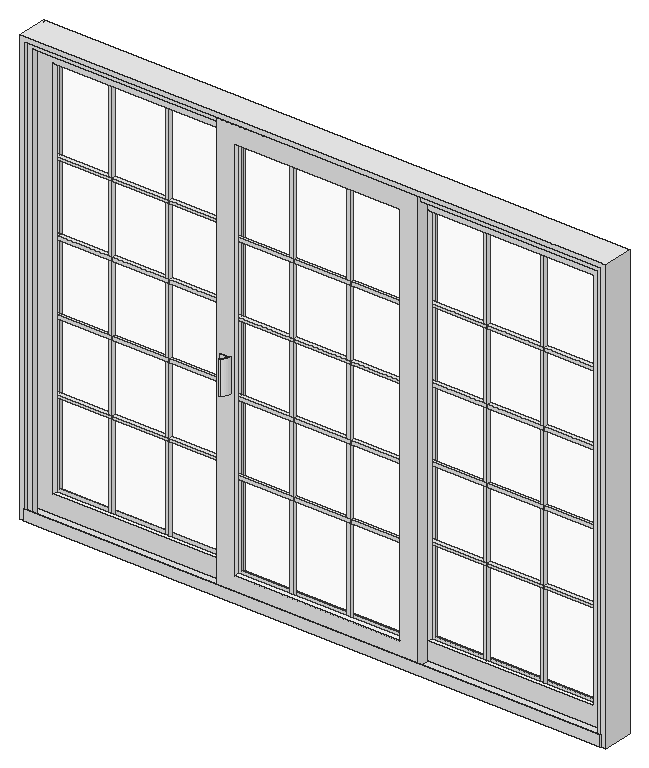
Revit family "Door_Sliding_Vinyl_Harvey-3Panel", category Doors, host Wall, Revit 2026
Family settings
  Host = Wall
  Classification Number = 23.30.10.17.11
  Always vertical = Yes
  Cut with Voids When Loaded = No
  Shared = No
  Room Calculation Point = No
Parameters (values of type "PD 9068-3")
  Sound Transmission Class (STC) = 29
  Product Page URL = "https://www.arcat.com/arcatcos/cos32/arc32985.html"
  Has Screen [instance] = yes
  Mullion Width [instance] = 0' - 0 5/8"
  Hardware Finish = ARCAT - Vinyl - PVC - 0.070" - White
  Handle Height [instance] = 3' - 0"
  Function = Interior
  Door Width = ((Width - 0' 1 3/4") / 3) + 0' 1 5/8"  # 3' - 0.95833"
  RO Spacing = 0' - 0 5/8"
  U_Factor [instance] = 0
  URL = "https://harveywindows.com/"
  Specification = "https://www.arcat.com/company/harvey-building-products-32985/spec"
  SHGC [instance] = 0
  Rough Width = Width + (RO Spacing * 2)  # 9' - 1"
  Rough Height = Height + RO Spacing  # 6' - 8 3/8"
  R_Value [instance] = 0
  RH = no
  Operation = "As Specified in 08 53 13"
  Model = "PD 9068-3"
  Manufacturer = "Harvey Building Products "
  LH = yes
  Keynote = "08 53 13"
  Height = 6' - 7 3/4"
  Glass Type = ARCAT - Glass - Laminated - Clear
  Glass Thickness = 0' - 0 7/8"
  Frame Material = ARCAT - Vinyl - PVC - 0.070" - White
  Frame Inset from Exterior [instance] = 0' - 0"
  Fire Rating = "As Specified in 08 53 13"
  F588_Forced-Entry = "Type B; Grade 10"
  E547_Water-Resistance = "As Specified in 08 53 13"
  E330_Structural-Test-Pressure = "As Specified in 08 53 13"
  E283_Air-Infiltration = "As Specified in 08 53 13"
  Door Height = Height - 0' 0 7/8" - 0' 1 1/4"  # 6' - 5 5/8"
  Description = "Harvey BP - PD 9068-3 Sliding Patio Door"
  Sill Height [instance] = 2' - 0"
  Wall Closure = By host
  Width = 8' - 11 3/4"
  Define Thermal Properties by = Schematic Type
  Copyright = "©Arcat Inc. 2023"
  Colonial Muntins [instance] = yes
  Casing_Flat [instance] = no
  Casing_908 [instance] = no
  CAD Details = "https://www.arcat.com/company/harvey-building-products-32985/cad"
  Assembly Code = "B2030100"
  Analytic Construction = "<None>"
  AAMA Conformance = "SD-R35 (DP35)"
Types (2): name | Door Width | Rough Width | Model | Description | Width
  PD 12068-3 | 4' - 0.95833" | 12' - 1" | "PD 12068-3" | "Harvey BP - PD 12068-3 Sliding Patio Door" | 11' - 11 3/4"
  PD 9068-3 | 3' - 0.95833" | 9' - 1" | "PD 9068-3" | "Harvey BP - PD 9068-3 Sliding Patio Door" | 8' - 11 3/4"
Reference planes (in)
  plane 1: y = -0.6875
  plane 2 "Center (Left/Right)": x = 0.875
  plane 3 "Left": x = -53
  plane 4 "Right": x = 54.75
  plane 5 "Center": z = 39.875
  plane 6 "Exterior": y = 2.3125
  plane 7 "Interior": y = -3.6875
  plane 8 "FrameRight": x = 55.375
  plane 9 "FrameLeft": x = -53.625
  plane 10 "FrameUpper": z = 79.75
  plane 11: z = 0
  plane 12: z = 80.375
  plane 13 "Door Exterior": y = 2.3125
  plane 14 "Frame 1 CL": y = 0.1775
  plane 15 "Frame 2 CL": y = -2.2125
  plane 16 "Frame Interior": y = -3.2125
  plane 17: x = 53.875
  plane 18: x = -52.125
  plane 19: y = 1.8
  plane 20: x = -16.79167
  plane 21: x = 18.54167
Forms (in)
  Sweep 1, solid, material "ARCAT - Vinyl - PVC - 0.070" - White" <- "Frame Material"
    path origin (0, 2.3125, 0) x (0, 0, 1) y (-1, 0, 0)
      loop
        line (0, -54.75) -> (79.75, -54.75) -> (79.75, 53) -> (0, 53)
    profile "P_Door_Frame : P_Door_Frame" origin (54.75, 2.3125, 39.875) x (-1, 0, 0) y (0, -1, 0)
      loop
        line (0.875, 0) -> (0.875, 0.125) -> (0.125, 0.125) -> (0.125, 0.9) -> (0.875, 0.9) -> (0.875, 1.7125) -> (1.875, 1.7125) -> (1.875, 2.5875) -> (0.875, 2.5875) -> (0.875, 4.0875) -> (1.875, 4.0875) -> (1.875, 4.9625) -> (0.875, 4.9625) -> (0.875, 5.525) -> (0, 5.525) -> (0, 0) -> (0.875, 0)
  Sweep 2, solid, material "ARCAT - Vinyl - PVC - 0.070" - White" <- "Frame Material"
    path origin (0, 2.3125, 0) x (0, 0, 1) y (-1, 0, 0)
      loop
        line (0, -53.875) -> (0, 52.125)
    profile origin (0.875, 2.3125, 0) x (0, 0, -1) y (0, -1, 0)
      loop
        line (0, 0) -> (0, 5.775) -> (-2, 5.775) -> (-2, 5.525) -> (-1.25, 5.525) -> (-0.37493, 0) -> (0, 0)
  Sweep 3, solid, material "ARCAT - Vinyl - PVC - 0.070" - White" <- "Frame Material", visible <- "Casing_908"
    path in 3D
      loop
        line (54.75, 2.3125, 0) -> (54.75, 2.3125, 79.75) -> (-53, 2.3125, 79.75) -> (-53, 2.3125, 0)
    profile "P_Casing_908 : P_Casing_908" origin (54.75, 2.3125, 39.875) x (0, -1, 0) y (1, 0, 0)
      loop
        line (0, -0.25) -> (0, 2.125) -> (-0.6875, 2.125) -> (-0.6875, 1.625) -> (-0.625, 1.625)
        arc (-0.625, 1.625) -> (-0.60136, 1.467) -> (-0.53251, 1.32284) r 0.53982
        arc (-0.53251, 1.32284) -> (-0.46067, 1.17132) -> (-0.43725, 1.00526) r 0.55626
        line (-0.43725, 1.00526) -> (-0.37475, 1.00526) -> (-0.37475, -0.25) -> (0, -0.25)
  Sweep 4, solid, material "ARCAT - Vinyl - PVC - 0.070" - White" <- "Frame Material", visible <- "Casing_Flat"
    path in 3D
      loop
        line (54.75, 2.3125, 0) -> (54.75, 2.3125, 79.75) -> (-53, 2.3125, 79.75) -> (-53, 2.3125, 0)
    profile "P_Casing_Flat : P_Casing_Flat" origin (54.75, 2.3125, 39.875) x (0, -1, 0) y (1, 0, 0)
      loop
        line (0, -0.8125) -> (0, 2.1875) -> (-0.6875, 2.1875) -> (-0.6875, -0.8125) -> (0, -0.8125)
Cuts and joins
  joined: Sweep 1, Sweep 2
Lines and regions (in)
  Opening 1
    outline origin (-95.7153, -3.6875, 0) x (1, 0, 0) y (0, 0, 1)
      loop
        line (42.0903, 80.375) -> (42.0903, 0) -> (151.0903, 0) -> (151.0903, 80.375) -> (42.0903, 80.375)
  sketch lines
    curve 1: line (54.75, 2.3125, 0) -> (54.75, 2.3125, 79.75)
    curve 2: line (54.75, 2.3125, 79.75) -> (-53, 2.3125, 79.75)
    curve 3: line (-53, 2.3125, 79.75) -> (-53, 2.3125, 0)
    curve 4: line (54.75, 2.3125, 0) -> (54.75, 2.3125, 79.75)
    curve 5: line (54.75, 2.3125, 79.75) -> (-53, 2.3125, 79.75)
    curve 6: line (-53, 2.3125, 79.75) -> (-53, 2.3125, 0)
Text (in)
  text "EXTERIOR" at (-79.42766, 23.47596, 0), in view "Ref. Level"
  text "INTERIOR" at (-79.42766, -17.27685, 0), in view "Ref. Level"
  text "Exterior" at (0, 47.2975, 123.29936), in view "Left"
  text "Exterior" at (0, 19.21628, 132.11189), in view "Right"
Dimensions and locks (in)
  locked: plane 6 "Exterior" to host wall
  locked: host wall to plane 7 "Interior"
  equal spacing: plane 7 "Interior", plane 1, plane 6 "Exterior"
  "Width": plane 3 "Left" to plane 4 "Right"
  "Height": plane 10 "FrameUpper" to plane 11
  equal spacing: plane 3 "Left", plane 2 "Center (Left/Right)", plane 4 "Right"
  "RO Spacing": plane 9 "FrameLeft" to plane 3 "Left"
  "RO Spacing": plane 4 "Right" to plane 8 "FrameRight"
  "RO Spacing": plane 12 to plane 10 "FrameUpper"
  equal spacing: plane 10 "FrameUpper", plane 5 "Center", plane 11
  locked: plane 13 "Door Exterior" to plane 16 "Frame Interior" at 5.525
  locked: plane 15 "Frame 2 CL" to plane 16 "Frame Interior" at 1
  locked: plane 13 "Door Exterior" to plane 14 "Frame 1 CL" at 2.135
  "Frame Inset from Exterior": plane 6 "Exterior" to plane 13 "Door Exterior"
  locked: plane 3 "Left" to plane 18 at 0.875
  locked: plane 17 to plane 4 "Right" at 0.875
  locked: plane 21 to nested 1 at 1.625
  locked: nested 2 to plane 21 at 1.625
  locked: level to nested 1 at 1.25
  locked: level to nested 2 at 1.25
  locked: plane 13 "Door Exterior" to plane 19 at 0.5125
  locked: nested 3 to plane 19 at 0.25
  locked: level to nested 3 at 1.25
  equal spacing: plane 18, plane 20, plane 21, plane 17
  locked: level to nested 4 at 1.25
  locked: plane 20 to nested 4 at 1.625
  aligned and locked: Opening 1 sketch curve to plane 8 "FrameRight"
  aligned and locked: plane 9 "FrameLeft" to Opening 1 sketch curve
  aligned and locked: level to plane 11
  aligned and locked: Opening 1 sketch curve to plane 12
  aligned and locked: Opening 1 sketch curve to plane 11
  aligned and locked: plane 14 "Frame 1 CL" to nested 2
  aligned and locked: plane 15 "Frame 2 CL" to nested 1
  aligned and locked: nested 4 to plane 14 "Frame 1 CL"
  aligned and locked: plane 2 "Center (Left/Right)" to nested 3
Automatic sketch dimensions
  Sweep 1 sketch curve to level = 0' - 0"  (x2)
  Sweep 1 sketch curve to plane 3 "Left" = 0' - 0"
  Sweep 1 sketch curve to plane 10 "FrameUpper" = 0' - 0"
  Sweep 1 sketch curve to plane 4 "Right" = 0' - 0"
  Sweep 2 sketch curve to level = 0' - 0"
  Sweep 2 sketch curve to plane 17 = 0' - 0"
  Sweep 2 sketch curve to plane 18 = 0' - 0"
  Sweep 2 sketch curve to plane 13 "Door Exterior" = 0' - 0"
  Sweep 2 sketch curve to profile plane = 0' - 0"
  profile plane to Sweep 2 sketch curve = 0' - 0.37493"
  profile plane to Sweep 2 sketch curve = 0' - 1 1/4"
  Sweep 2 sketch curve to Sweep 2 sketch curve = 0' - 0 3/4"
  plane 13 "Door Exterior" to Sweep 2 sketch curve = 0' - 5.525"
  Sweep 2 sketch curve to Sweep 2 sketch curve = 0' - 0 1/4"
Nested families (in)
  nested 1: "Glazed Door" at (-9.20833, -0.3375, 2.25), win.sash.width <- "Door Width", win.sash.height <- "Door Height", Sash Material <- "Frame Material", MuntinMatl <- "Frame Material", Hardware Finish <- "Hardware Finish", Mullion Width <- "Mullion Width", Handle Height <- "Handle Height", type "Colonial Muntins"
    with win.sash.width 3' - 0.95833", win.sash.prof.depth.ext 0' - 0 1/2", win.sash.prof.depth 0' - 0 1/2", win.sash.height 6' - 5 5/8", win.glz.wdth 2' - 7.45833", win.glz.spacrdepth 0' - 0 5/8", win.glz.panedepth 0' - 0 7/8", win.glz.ht 6' - 0 1/8", Sash Material ARCAT - Vinyl - PVC - 0.070" - White, MuntinMatl ARCAT - Vinyl - PVC - 0.070" - White, Mullion Width 0' - 0 5/8", Hardware Finish ARCAT - Vinyl - PVC - 0.070" - White, Handle Height 3' - 0", Handle yes
  nested 2: "Glazed Door" at (24.5, 2.0525, 2.25), win.sash.width <- "Door Width", win.sash.height <- "Door Height", Sash Material <- "Frame Material", MuntinMatl <- "Frame Material", Hardware Finish <- "Hardware Finish", Mullion Width <- "Mullion Width", Handle Height <- "Handle Height", type "Colonial Muntins"
    with win.sash.width 3' - 0.95833", win.sash.prof.depth.ext 0' - 0 1/2", win.sash.prof.depth 0' - 0 1/2", win.sash.height 6' - 5 5/8", win.glz.wdth 2' - 7.45833", win.glz.spacrdepth 0' - 0 5/8", win.glz.panedepth 0' - 0 7/8", win.glz.ht 6' - 0 1/8", Sash Material ARCAT - Vinyl - PVC - 0.070" - White, MuntinMatl ARCAT - Vinyl - PVC - 0.070" - White, Mullion Width 0' - 0 5/8", Hardware Finish ARCAT - Vinyl - PVC - 0.070" - White, Handle Height 3' - 0", Handle no
  nested 3: "Screen" at (0.875, 1.55, 1.25), Width <- "Door Width", Height <- "Door Height", visible <- "Has Screen", type "Screen"
    with Width 3' - 0.95833", Height 6' - 5 5/8", screen yes
  nested 4: "Glazed Door" at (-22.75, -1.6975, 2.25) x (-1, 0, 0) z (0, 0, 1), win.sash.width <- "Door Width", win.sash.height <- "Door Height", Sash Material <- "Frame Material", MuntinMatl <- "Frame Material", Hardware Finish <- "Hardware Finish", Mullion Width <- "Mullion Width", Handle Height <- "Handle Height", type "Colonial Muntins"
    with win.sash.width 3' - 0.95833", win.sash.prof.depth.ext 0' - 0 1/2", win.sash.prof.depth 0' - 0 1/2", win.sash.height 6' - 5 5/8", win.glz.wdth 2' - 7.45833", win.glz.spacrdepth 0' - 0 5/8", win.glz.panedepth 0' - 0 7/8", win.glz.ht 6' - 0 1/8", Sash Material ARCAT - Vinyl - PVC - 0.070" - White, MuntinMatl ARCAT - Vinyl - PVC - 0.070" - White, Mullion Width 0' - 0 5/8", Hardware Finish ARCAT - Vinyl - PVC - 0.070" - White, Handle Height 3' - 0", Handle no
Definition of nested family "Glazed Door"
  Parameters
    win.sash.width [instance] = 3' - 0"
    win.sash.prof.width = 0' - 3 1/4"
    win.sash.prof.reveal = 0' - 0 1/2"
    win.sash.prof.depth.ext [instance] = 0' - 0 1/2"
    win.sash.prof.depth [instance] = 0' - 0 1/2"
    win.sash.height [instance] = 7' - 0"
    win.glaz.offset = win.sash.prof.width - win.sash.prof.reveal  # 0' - 2 3/4"
    Mullion Width [instance] = 0' - 0 5/8"
    win.glz.wdth [instance] = win.sash.width - (win.glaz.offset * 2)  # 2' - 6 1/2"
    win.glz.spacrdepth [instance] = 0' - 0 5/8"
    win.glz.panedepth [instance] = 0' - 0 7/8"
    win.glz.ht [instance] = win.sash.height - ((win.sash.prof.width - win.sash.prof.reveal) * 2)  # 6' - 6 1/2"
    Sash Thickness = 0' - 2"
    Sash Material [instance] = none
    MuntinMatl [instance] = none
    Hardware Finish [instance] = none
    Handle Height [instance] = 3' - 0"
    Handle [instance] = yes
    Glass = none
    Default Elevation = 0' - 0"
    Colonial Muntins = yes
    Assembly Code = ""
  Reference planes (in)
    plane 1 "Center (Front/Back)": y = -1.875
    plane 2 "glzbase": z = 1.75
    plane 3 "Center (Left/Right)": x = 11.375
    plane 4 "Left": x = -3.875
    plane 5 "Right": x = 26.625
    plane 6 "Exterior": y = -2.3125
    plane 7 "Interior": y = -1.4375
    plane 8 "Center (Elevation)": z = 41
    plane 9 "Top": z = 80.25
    plane 10 "SashLeft": x = -6.625
    plane 11 "SashRight": x = 29.375
    plane 12 "SashBase": z = -1
    plane 13 "Sashtop": z = 83
    plane 14: z = 62.525
    plane 15: z = 19.475
    plane 16 "Sash Face Ext": y = -0.875
    plane 17: y = -2.875
    plane 18: x = 6.29167
    plane 19: x = 16.45833
    plane 20: x = 23.25
    plane 21: x = -0.5
    plane 22: z = 5.125
    plane 23: z = 76.875
    plane 24: z = 48.175
    plane 25: z = 33.825
    plane 26 "Handle": z = 35
  Forms (in)
    Extrusion 1, solid, material <- "MuntinMatl", visible <- "Colonial Muntins"
      sketch origin (26.625, 0, 0) x (0, 0, -1) y (0, -1, 0)
        loop
          line (-62.8375, 1.5625) -> (-62.2125, 1.5625) -> (-62.2125, 2.1875) -> (-62.8375, 2.1875) -> (-62.8375, 1.5625)
        loop
          line (-19.7875, 1.5625) -> (-19.1625, 1.5625) -> (-19.1625, 2.1875) -> (-19.7875, 2.1875) -> (-19.7875, 1.5625)
        loop
          line (-48.4875, 1.5625) -> (-47.8625, 1.5625) -> (-47.8625, 2.1875) -> (-48.4875, 2.1875) -> (-48.4875, 1.5625)
        loop
          line (-34.1375, 1.5625) -> (-33.5125, 1.5625) -> (-33.5125, 2.1875) -> (-34.1375, 2.1875) -> (-34.1375, 1.5625)
      from 0 to 30.5 <- "win.glz.wdth"
    Extrusion 2, solid, material <- "Glass"
      sketch origin (0, -1.875, 0) x (1, 0, 0) y (0, 0, 1)
        loop
          line (-3.875, 80.25) -> (-3.875, 1.75) -> (26.625, 1.75) -> (26.625, 80.25) -> (-3.875, 80.25)
      from -0.4375 to 0.4375
    Sweep 3, solid, material <- "Sash Material"
      path origin (0, -1.875, 0) x (1, 0, 0) y (0, 0, 1)
        loop
          line (-6.625, 83) -> (-6.625, -1) -> (29.375, -1) -> (29.375, 83) -> (-6.625, 83)
      profile origin (11.375, -1.875, 83) x (0, 0, 1) y (0, -1, 0)
        loop
          line (0, -1) -> (0, 1) -> (-3.25, 1) -> (-3.45035, 0.4375) -> (-2.75, 0.4375) -> (-2.75, -0.4375) -> (-3.45035, -0.4375) -> (-3.25, -1) -> (0, -1)
    Extrusion 4, solid, material <- "MuntinMatl", visible <- "Colonial Muntins"
      sketch origin (5.5, 0, 1.75) x (1, 0, 0) y (0, 1, 0)
        loop
          line (10.64583, -1.5625) -> (10.64583, -2.1875) -> (11.27083, -2.1875) -> (11.27083, -1.5625) -> (10.64583, -1.5625)
      from 0 to 78.5 <- "win.glz.ht"
    Extrusion 5, solid, material <- "MuntinMatl", visible <- "Colonial Muntins"
      sketch origin (-6.5, 0, 1.75) x (1, 0, 0) y (0, 1, 0)
        loop
          line (12.47917, -1.5625) -> (12.47917, -2.1875) -> (13.10417, -2.1875) -> (13.10417, -1.5625) -> (12.47917, -1.5625)
      from 0 to 78.5 <- "win.glz.ht"
    Extrusion 6, solid, material <- "Hardware Finish", visible <- "Handle"
      sketch origin (0, 0, 35) x (-1, 0, 0) y (0, -1, 0)
        loop
          line (5.875, 2.875) -> (5.875, 3.125) -> (4.375, 3.125)
          arc (4.375, 3.125) -> (4.55034, 3.73963) -> (4.96184, 4.22868) r 1.52728
          arc (4.96184, 4.22868) -> (4.97371, 4.41852) -> (4.78387, 4.40665) r 0.12683
          arc (4.78387, 4.40665) -> (4.26517, 3.72249) -> (4.1277, 2.875) r 1.77728
          line (4.1277, 2.875) -> (5.875, 2.875)
        loop
          line (5.875, 0.875) -> (4.1277, 0.875)
          arc (4.1277, 0.875) -> (4.26517, 0.02751) -> (4.78387, -0.65665) r 1.77728
          arc (4.78387, -0.65665) -> (4.97371, -0.66852) -> (4.96184, -0.47868) r 0.12683
          arc (4.96184, -0.47868) -> (4.55034, 0.01037) -> (4.375, 0.625) r 1.52728
          line (4.375, 0.625) -> (5.875, 0.625) -> (5.875, 0.875)
      from -3 to 3
  Lines and regions (in)
    symbolic lines, visible <- "Colonial Muntins"
      curve 1: line (5.97917, -1.875, 79.54965) -> (5.97917, -1.875, 2.45035)
      curve 2: line (6.60417, -1.875, 2.45035) -> (6.60417, -1.875, 79.54965)
      curve 3: line (16.14583, -1.875, 79.54965) -> (16.14583, -1.875, 2.45035)
      curve 4: line (16.77083, -1.875, 2.45035) -> (16.77083, -1.875, 79.54965)
      curve 5: line (-3.17465, -1.875, 62.8375) -> (25.92465, -1.875, 62.8375)
      curve 6: line (26.125, -1.875, 62.2125) -> (-3.17465, -1.875, 62.2125)
      curve 7: line (-3.17465, -1.875, 48.4875) -> (25.92465, -1.875, 48.4875)
      curve 8: line (-3.17465, -1.875, 47.8625) -> (25.92465, -1.875, 47.8625)
      curve 9: line (25.92465, -1.875, 34.1375) -> (-3.17465, -1.875, 34.1375)
      curve 10: line (-3.17465, -1.875, 33.5125) -> (25.92465, -1.875, 33.5125)
      curve 11: line (25.92465, -1.875, 19.7875) -> (-3.17465, -1.875, 19.7875)
      curve 12: line (-3.17465, -1.875, 19.1625) -> (25.92465, -1.875, 19.1625)
  Dimensions and locks (in)
    "win.glz.wdth": plane 4 "Left" to plane 5 "Right"
    "win.sash.height": plane 13 "Sashtop" to plane 12 "SashBase"
    equal spacing: plane 12 "SashBase", plane 8 "Center (Elevation)", plane 13 "Sashtop"
    "Mullion Width": Extrusion 1 sketch curve to Extrusion 1 sketch curve  (x4)
    equal spacing: Extrusion 1 sketch curve, plane 15, Extrusion 1 sketch curve
    equal spacing: Extrusion 1 sketch curve, plane 14, Extrusion 1 sketch curve
    equal spacing: plane 16 "Sash Face Ext", plane 1 "Center (Front/Back)", plane 17
    "Sash Thickness": plane 16 "Sash Face Ext" to plane 17
    equal spacing: plane 4 "Left", plane 18, plane 19, plane 5 "Right"
    equal spacing: Extrusion 5 sketch curve, plane 18, Extrusion 5 sketch curve
    equal spacing: Extrusion 4 sketch curve, plane 19, Extrusion 4 sketch curve
    locked: plane 20 to plane 5 "Right" at 3.375
    locked: plane 21 to plane 4 "Left" at 3.375
    "Mullion Width": Extrusion 5 sketch curve to Extrusion 5 sketch curve
    equal spacing: Extrusion 5 sketch curve, plane 1 "Center (Front/Back)", Extrusion 5 sketch curve
    "win.glz.spacrdepth": Extrusion 5 sketch curve to Extrusion 5 sketch curve
    "Mullion Width": Extrusion 4 sketch curve to Extrusion 4 sketch curve
    equal spacing: Extrusion 4 sketch curve, plane 1 "Center (Front/Back)", Extrusion 4 sketch curve
    "win.glz.spacrdepth": Extrusion 4 sketch curve to Extrusion 4 sketch curve
    locked: plane 9 "Top" to plane 23 at 3.375
    locked: plane 22 to plane 2 "glzbase" at 3.375
    equal spacing: Extrusion 1 sketch curve, plane 1 "Center (Front/Back)", Extrusion 1 sketch curve  (x4)
    "win.glz.spacrdepth": Extrusion 1 sketch curve to Extrusion 1 sketch curve  (x4)
    equal spacing: plane 10 "SashLeft", plane 3 "Center (Left/Right)", plane 11 "SashRight"
    "win.glz.ht": plane 9 "Top" to plane 2 "glzbase"
    "win.glaz.offset": plane 2 "glzbase" to level
    plane 7 "Interior" to plane 1 "Center (Front/Back)" to plane 6 "Exterior" = 0' - 0 7/16" locked, 0' - 0 7/16" locked
    equal spacing: plane 23, plane 14, plane 24, plane 25, plane 15, plane 22
    equal spacing: Extrusion 1 sketch curve, plane 24, Extrusion 1 sketch curve
    equal spacing: Extrusion 1 sketch curve, plane 25, Extrusion 1 sketch curve
    "win.glaz.offset": plane 10 "SashLeft" to plane 4 "Left"
    "win.glaz.offset": plane 5 "Right" to plane 11 "SashRight"
    "Handle Height": plane 26 "Handle" to level
    aligned and locked: level to plane 12 "SashBase"
    aligned and locked: plane 4 "Left" to Extrusion 2 sketch curve
    aligned and locked: Extrusion 2 sketch curve to plane 9 "Top"
    aligned and locked: plane 2 "glzbase" to Extrusion 2 sketch curve
    aligned and locked: plane 5 "Right" to Extrusion 2 sketch curve
    aligned and locked: plane 7 "Interior" to Extrusion 2
    aligned and locked: Extrusion 2 to plane 6 "Exterior"
    aligned and locked: plane 13 "Sashtop" to Sweep 3 sketch curve  (x2)
    aligned and locked: Sweep 3 sketch curve to plane 12 "SashBase"
    aligned and locked: plane 17 to Sweep 3 sketch curve
    aligned and locked: Sweep 3 sketch curve to plane 16 "Sash Face Ext"
    aligned and locked: plane 6 "Exterior" to Sweep 3 sketch curve
    aligned and locked: Sweep 3 sketch curve to plane 9 "Top"
    aligned and locked: plane 7 "Interior" to Sweep 3 sketch curve
    aligned and locked: plane 9 "Top" to Extrusion 4
    aligned and locked: Extrusion 4 to plane 2 "glzbase"
    aligned and locked: Extrusion 5 to plane 2 "glzbase"
    aligned and locked: Sweep 3 sketch curve to plane 10 "SashLeft"
    aligned and locked: Sweep 3 sketch curve to plane 11 "SashRight"
    aligned and locked: Extrusion 1 to plane 5 "Right"
    aligned and locked: plane 4 "Left" to Extrusion 1
    aligned and locked: Extrusion 5 to curve 2
    aligned and locked: Extrusion 5 to curve 1
    aligned and locked: curve 6 to Extrusion 1
    aligned and locked: curve 5 to Extrusion 1
    aligned and locked: Extrusion 4 to curve 3
    aligned and locked: Extrusion 4 to curve 4
    aligned and locked: curve 7 to Extrusion 1
    aligned and locked: Extrusion 1 to curve 8
    aligned and locked: Extrusion 1 to curve 9
    aligned and locked: Extrusion 1 to curve 10
    aligned and locked: Extrusion 1 to curve 12
    aligned and locked: Extrusion 1 to curve 11
  Automatic sketch dimensions
    Sweep 3 sketch curve to Sweep 3 sketch curve = 0' - 0 1/2"  (x2)
    Sweep 3 sketch curve to Sweep 3 sketch curve = 0' - 0.20035"  (x2)
    Extrusion 6 sketch curve to Extrusion 6 sketch curve = 0' - 0"  (x6)
    Extrusion 6 sketch curve to plane 16 "Sash Face Ext" = 0' - 0"
    Extrusion 6 sketch curve to plane 17 = 0' - 0"
    plane 4 "Left" to Extrusion 6 sketch curve = 0' - 0.2527"  (x2)
    Extrusion 6 sketch curve to Extrusion 6 sketch curve = 0' - 0.2473"  (x2)
    plane 4 "Left" to Extrusion 6 sketch curve = 0' - 0.90887"  (x2)
    Extrusion 6 sketch curve to Extrusion 6 sketch curve = 0' - 0.10016"  (x2)
    Extrusion 6 sketch curve to Extrusion 6 sketch curve = 0' - 0.07781"  (x2)
    plane 16 "Sash Face Ext" to Extrusion 6 sketch curve = 0' - 0 1/4"
    Extrusion 6 sketch curve to plane 10 "SashLeft" = 0' - 0 3/4"  (x2)
    Extrusion 6 sketch curve to plane 17 = 0' - 0 1/4"
    Extrusion 6 sketch curve to Extrusion 6 sketch curve = 0' - 0.02385"  (x2)
    curve 7 to plane 4 "Left" = 0' - 0.70035"
    curve 5 to plane 4 "Left" = 0' - 0.70035"
    curve 12 to plane 4 "Left" = 0' - 0.70035"
    curve 11 to curve 12 = 0' - 0"  (x2)
    curve 10 to plane 4 "Left" = 0' - 0.70035"
    curve 9 to curve 10 = 0' - 0"  (x2)
    curve 8 to curve 7 = 0' - 0"
    curve 6 to curve 5 = 0' - 0"
    plane 5 "Right" to curve 12 = 0' - 0.70035"
    plane 5 "Right" to curve 8 = 0' - 0.70035"
    plane 5 "Right" to curve 10 = 0' - 0.70035"
    plane 5 "Right" to curve 5 = 0' - 0.70035"
    curve 7 to curve 8 = 0' - 0"
    plane 5 "Right" to curve 6 = 0' - 0 1/2"
    plane 2 "glzbase" to curve 3 = 0' - 0.70035"
    curve 4 to curve 3 = 0' - 0"  (x2)
    plane 2 "glzbase" to curve 2 = 0' - 0.70035"
    curve 1 to curve 2 = 0' - 0"  (x2)
    curve 3 to plane 9 "Top" = 0' - 0.70035"
    curve 2 to plane 9 "Top" = 0' - 0.70035"
Definition of nested family "Screen"
  Parameters
    screen = no
    mesh = none
    Width [instance] = 3' - 0"
    Screenmatl = none
    Height [instance] = 3' - 4 5/8"
    Default Elevation = 0' - 0"
  Reference planes (in)
    plane 1 "Center (Front/Back)": y = 0
    plane 2: z = 0
    plane 3 "Center (Left/Right)": x = 0
    plane 4: x = -18
    plane 5: x = 18
    plane 6: z = 40.625
    plane 7: z = 20.3125
  Forms (in)
    Sweep 1, solid, material <- "Screenmatl", visible <- "screen"
      path origin (0, 0, 0) x (1, 0, 0) y (0, 0, 1)
        loop
          line (-18, 40.625) -> (-18, 0) -> (18, 0) -> (18, 40.625) -> (-18, 40.625)
      profile origin (0, 0, 40.625) x (0, 0, 1) y (0, -1, 0)
        loop
          line (0, 0) -> (-0.75, 0) -> (-0.75, -0.5) -> (0, -0.5) -> (0, 0)
    Extrusion 2, solid, material <- "mesh", visible <- "screen"
      sketch origin (0, 0, 0) x (1, 0, 0) y (0, 0, 1)
        loop
          line (-17.25, 39.875) -> (-17.25, 0.75) -> (17.25, 0.75) -> (17.25, 39.875) -> (-17.25, 39.875)
      from -0.3125 to -0.25
  Dimensions and locks (in)
    equal spacing: plane 6, plane 7, plane 2
    "Height": plane 6 to plane 2
    equal spacing: plane 5, plane 3 "Center (Left/Right)", plane 4
    "Width": plane 5 to plane 4
    locked: Sweep 1 sketch curve to Sweep 1 sketch curve at 0.75
    locked: Sweep 1 sketch curve to Sweep 1 sketch curve at 0.5
    locked: Extrusion 2 to Extrusion 2 at 0.0625
    locked: plane 1 "Center (Front/Back)" to Extrusion 2 at 0.25
    aligned and locked: plane 4 to Sweep 1 sketch curve
    aligned and locked: Sweep 1 sketch curve to plane 6
    aligned and locked: Sweep 1 sketch curve to plane 5
    aligned and locked: profile plane to Sweep 1 sketch curve
    aligned and locked: Extrusion 2 sketch curve to Sweep 1  (x3)
    aligned and locked: Sweep 1 to Extrusion 2 sketch curve
    aligned and locked: plane 2 to Sweep 1 sketch curve
  Automatic sketch dimensions
    Sweep 1 sketch curve to profile plane = 0' - 0"
